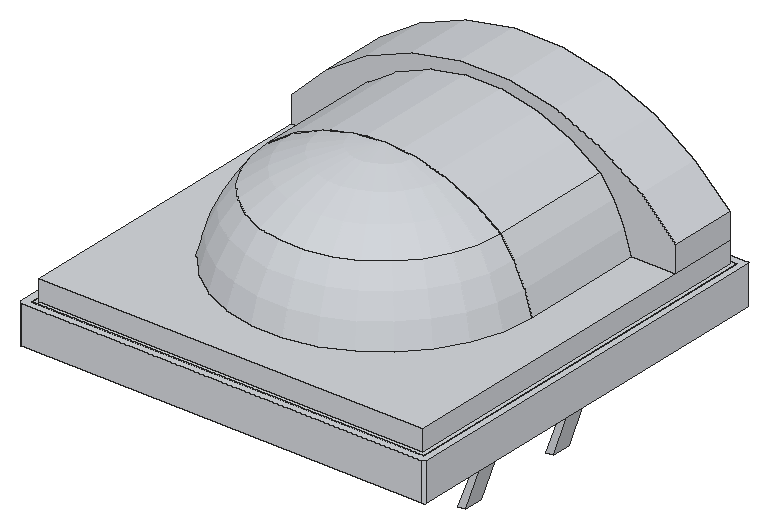
Revit family "Gira_537627", category Electrical Fixtures, host Face, Revit 2017
Family settings
  Host = Face
  Maintain Annotation Orientation = Yes
  Round Connector Dimension = Use Diameter
  Part Type = Normal
  Cut with Voids When Loaded = No
  Shared = No
  Room Calculation Point = No
Parameters (values of type "S3000 motion detec.top 2.20 m Komfort BT System 55 p.white m")
  URL = "http://katalog.gira.de/en/datenblatt.html?artikelnr=537627"
  Name = "S3000 motion detec.top 2.20 m Komfort BT System 55 p.white m"
  Model = "Movement sensor"
  Manufacturer URL = "https://www.gira.de/"
  Manufacturer = "Gira"
  Keynote = ""
  HeinzeBIM = "https://bimportal.heinze.de/bim/s3000-motion-detec-top-2-20-m-komfort-bt-system-55-p-white-m/7a1b15a21986c45e908e3132e32df4304d60fbe7"
  HAN = "537627"
  GTIN = "4010337050612"
  Description = "S3000 mot.det.top 2.20m Kmf BT Sys55 PWm,System 3000 motion detector top unit 2.20 m Komfort BT,System 55,pure white matt,Features:,- Automatic switching of lighting, depending on the movement of heat and ambient brightness.,- Operation with System 3000 switching or dimming insert or 3-wire auxiliary insert.,- Expansion of the detection range in combination with the 3-wire auxiliary insert.,- When connecting a System 3000 auxiliary insert with an operating top unit or mechanical button to the main unit, the lighting can be switched on or dimmed for the duration of the delay time.,- Device facilitates manual switchover between automatic, always-on and always-off.,With System 3000 switching insert:,- Short-term operation.,With System 3000 dimming insert:,- Switch on with the last brightness set, or a saved switch-on brightness.,- The switch-on brightness can only be saved permanently via the System 3000 auxiliary insert with operating top unit.,Functions with the Gira Bluetooth app:,- Set the brightness threshold.,- Individually adjustable sensitivity of the two sensors (0, 25, 50, 75, 100 %).,- Set the delay time.,- Override functions: Automatic mode, permanently on off, time-limited on off for 0.5 to 5 hours.,- Occupied-home simulation.,- Switch-off pre-warning.,- Day mode.,- Walking test.,- Switch on with the last brightness set, or a saved switch-on brightness in combination with a dimming insert."
  Default Elevation = 1219.2 mm
  Data sheet (1) = "https://katalog.gira.de/en/download.html?artikelnr=537627"
  Category = "Sensor element for movement sensor"
  BIM (1) = "https://media.stage.bim.site/public/gira/36a6b08/Bewegungsmelder_2,20m.rfa"
  Available = "No"
Reference planes
  plane 1 "Center (Front/Back)": y = 0
  plane 2: z = 0
  plane 3 "Center (Left/Right)": x = 0
Forms (mm)
  Extrusion 1, solid, detail levels fine
    sketch origin (0, 0, 0) x (1, 0, 0) y (0, 0, 1)
      loop
        line (-33.25, 14.602) -> (-33.25, 10.1) -> (33.25, 10.1) -> (33.25, 14.602)
        arc (33.25, 14.602) -> (0, 30.256) -> (-33.25, 14.602) r 43.139
    from -33.25 to -21.609
  Extrusion 2, solid, detail levels fine
    sketch origin (0, 0, 0) x (1, 0, 0) y (0, 1, 0)
      loop
        line (-33.25, 33.25) -> (-33.25, -33.25) -> (33.25, -33.25) -> (33.25, 33.25) -> (-33.25, 33.25)
    from 6.6 to 10.1
  Extrusion 3, solid, detail levels fine
    sketch origin (0, 0, 0) x (1, 0, 0) y (0, 0, 1)
      loop
        arc (20.138, 21.225) -> (0, 28.457) -> (-20.138, 21.225) r 31.652
        arc (-20.138, 21.225) -> (-23.48, 15.984) -> (-25.486, 10.1) r 26.053
        line (-25.486, 10.1) -> (25.486, 10.1)
        arc (25.486, 10.1) -> (23.48, 15.984) -> (20.138, 21.225) r 26.053
    from -21.609 to 0
  Revolve 4, solid, detail levels fine
    sketch origin (0, 0, 0) x (1, 0, 0) y (0, 0, 1)
      loop
        arc (0, 28.457) -> (-10.699, 26.594) -> (-20.138, 21.225) r 31.652
        arc (-20.138, 21.225) -> (-23.48, 15.984) -> (-25.486, 10.1) r 26.053
        line (-25.486, 10.1) -> (0, 10.1) -> (0, 28.457)
      axis (0, 28.457) -> (0, 10.1)
    angle from -180 to 0
  Extrusion 5, solid, detail levels fine
    sketch origin (0, 0, 0) x (1, 0, 0) y (0, 1, 0)
      loop
        spline (-34.7, 35.2) -> (-34.765, 35.196) -> (-34.829, 35.183) -> (-34.891, 35.162) -> (-34.95, 35.133) -> (-35.004, 35.097) -> (-35.054, 35.054) -> (-35.097, 35.004) -> (-35.133, 34.95) -> (-35.162, 34.891) -> (-35.183, 34.829) -> (-35.196, 34.765) -> (-35.2, 34.7)
        line (-35.2, 34.7) -> (-35.2, -34.7)
        spline (-35.2, -34.7) -> (-35.196, -34.765) -> (-35.183, -34.829) -> (-35.162, -34.891) -> (-35.133, -34.95) -> (-35.097, -35.004) -> (-35.054, -35.054) -> (-35.004, -35.097) -> (-34.95, -35.133) -> (-34.891, -35.162) -> (-34.829, -35.183) -> (-34.765, -35.196) -> (-34.7, -35.2)
        line (-34.7, -35.2) -> (34.7, -35.2)
        spline (34.7, -35.2) -> (34.765, -35.196) -> (34.829, -35.183) -> (34.891, -35.162) -> (34.95, -35.133) -> (35.004, -35.097) -> (35.054, -35.054) -> (35.097, -35.004) -> (35.133, -34.95) -> (35.162, -34.891) -> (35.183, -34.829) -> (35.196, -34.765) -> (35.2, -34.7)
        line (35.2, -34.7) -> (35.2, 34.7)
        spline (35.2, 34.7) -> (35.196, 34.765) -> (35.183, 34.829) -> (35.162, 34.891) -> (35.133, 34.95) -> (35.097, 35.004) -> (35.054, 35.054) -> (35.004, 35.097) -> (34.95, 35.133) -> (34.891, 35.162) -> (34.829, 35.183) -> (34.765, 35.196) -> (34.7, 35.2)
        line (34.7, 35.2) -> (-34.7, 35.2)
      loop
        line (-33.986, 33.986) -> (-33.986, -33.986) -> (33.986, -33.986) -> (33.986, 33.986) -> (-33.986, 33.986)
    from 0 to 6.6
  Extrusion 6, solid, detail levels fine
    sketch origin (0, 0, 0) x (1, 0, 0) y (0, 1, 0)
      loop
        line (-33.986, 33.986) -> (-33.986, -33.986) -> (33.986, -33.986) -> (33.986, 33.986) -> (-33.986, 33.986)
    from 5 to 6.6
  Extrusion 7, solid
    sketch origin (0, 0, 0) x (1, 0, 0) y (0, 1, 0)
      loop
        line (-23.656, 22.752) -> (-23.656, -22.748)
        arc (-23.656, -22.748) -> (-23.409, -23.369) -> (-22.801, -23.65) r 0.904
        line (-22.801, -23.65) -> (22.796, -23.65)
        arc (22.796, -23.65) -> (23.404, -23.369) -> (23.656, -22.748) r 0.904
        line (23.656, -22.748) -> (23.652, 22.752)
        arc (23.652, 22.752) -> (23.404, 23.374) -> (22.796, 23.655) r 0.904
        line (22.796, 23.655) -> (-22.801, 23.655)
        arc (-22.801, 23.655) -> (-23.409, 23.374) -> (-23.656, 22.752) r 0.904
    from -3.2 to 5
  Extrusion 8, solid, detail levels fine
    sketch origin (0, 0, 0) x (1, 0, 0) y (0, 1, 0)
      loop
        line (-27.334, -25) -> (-26.366, -25) -> (-26.366, 26.298) -> (26.366, 26.298) -> (26.366, -25) -> (27.334, -25) -> (27.334, 27.402) -> (-27.334, 27.402) -> (-27.334, -25)
    from -1.1 to 5
  Extrusion 9, solid, detail levels fine
    sketch origin (0, 0, 0) x (1, 0, 0) y (0, 1, 0)
      loop
        line (-5.141, 20.682) -> (-5.141, 15.098)
        spline (-5.141, 15.098) -> (-5.133, 14.968) -> (-5.107, 14.84) -> (-5.065, 14.716) -> (-5.007, 14.599) -> (-4.935, 14.49) -> (-4.849, 14.391) -> (-4.75, 14.305) -> (-4.641, 14.233) -> (-4.524, 14.175) -> (-4.4, 14.133) -> (-4.272, 14.107) -> (-4.142, 14.099)
        line (-4.142, 14.099) -> (4.142, 14.099)
        spline (4.142, 14.099) -> (4.272, 14.107) -> (4.4, 14.133) -> (4.524, 14.175) -> (4.641, 14.233) -> (4.75, 14.305) -> (4.849, 14.391) -> (4.935, 14.49) -> (5.007, 14.599) -> (5.065, 14.716) -> (5.107, 14.84) -> (5.133, 14.968) -> (5.141, 15.098)
        line (5.141, 15.098) -> (5.141, 20.682)
        spline (5.141, 20.682) -> (5.133, 20.812) -> (5.107, 20.94) -> (5.065, 21.064) -> (5.007, 21.181) -> (4.935, 21.29) -> (4.849, 21.389) -> (4.75, 21.475) -> (4.641, 21.547) -> (4.524, 21.605) -> (4.4, 21.647) -> (4.272, 21.673) -> (4.142, 21.681)
        line (4.142, 21.681) -> (-4.142, 21.681)
        spline (-4.142, 21.681) -> (-4.272, 21.673) -> (-4.4, 21.647) -> (-4.524, 21.605) -> (-4.641, 21.547) -> (-4.75, 21.475) -> (-4.849, 21.389) -> (-4.935, 21.29) -> (-5.007, 21.181) -> (-5.065, 21.064) -> (-5.107, 20.94) -> (-5.133, 20.812) -> (-5.141, 20.682)
    from -19.6 to -3.2
  Extrusion 10, solid, detail levels fine
    sketch origin (0, 0, 0) x (1, 0, 0) y (0, 0, 1)
      loop
        line (-24.966, -3.825) -> (-25.395, -8.726) -> (-23.048, -15.543) -> (-21.665, -15.713) -> (-24.338, -8.563) -> (-23.422, -1.1) -> (-25.014, -1.1) -> (-24.966, -3.825)
      loop
        line (24.966, -3.825) -> (25.014, -1.1) -> (23.422, -1.1) -> (24.338, -8.563) -> (21.665, -15.713) -> (23.048, -15.543) -> (25.395, -8.726) -> (24.966, -3.825)
    from -11.1 to -7.9
  Extrusion 11, solid, detail levels fine
    sketch origin (0, 0, 0) x (1, 0, 0) y (0, 0, -1)
      loop
        line (-24.966, 3.825) -> (-25.014, 1.1) -> (-23.422, 1.1) -> (-24.338, 8.563) -> (-21.665, 15.713) -> (-23.048, 15.543) -> (-25.395, 8.726) -> (-24.966, 3.825)
      loop
        line (24.966, 3.825) -> (25.395, 8.726) -> (23.048, 15.543) -> (21.665, 15.713) -> (24.338, 8.563) -> (23.422, 1.1) -> (25.014, 1.1) -> (24.966, 3.825)
    from -11.1 to -7.9
  Extrusion 12, solid
    sketch origin (0, 0, 0) x (1, 0, 0) y (0, 1, 0)
      loop
        line (-23.656, 22.752) -> (-23.656, -22.748)
        arc (-23.656, -22.748) -> (-23.409, -23.369) -> (-22.801, -23.65) r 0.904
        line (-22.801, -23.65) -> (22.796, -23.65)
        arc (22.796, -23.65) -> (23.404, -23.369) -> (23.656, -22.748) r 0.904
        line (23.656, -22.748) -> (23.652, 22.752)
        arc (23.652, 22.752) -> (23.404, 23.374) -> (22.796, 23.655) r 0.904
        line (22.796, 23.655) -> (-22.801, 23.655)
        arc (-22.801, 23.655) -> (-23.409, 23.374) -> (-23.656, 22.752) r 0.904
    from -3.2 to 5
  Extrusion 13, solid, detail levels medium
    sketch origin (0, 0, 0) x (1, 0, 0) y (0, 1, 0)
      loop
        line (-35.2, 35.2) -> (-35.2, -35.2) -> (35.2, -35.2) -> (35.2, 35.2) -> (-35.2, 35.2)
    from 0 to 6.6
  Extrusion 14, solid, detail levels medium
    sketch origin (0, 0, 0) x (1, 0, 0) y (0, 1, 0)
      loop
        line (-33.25, 33.25) -> (-33.25, -33.25) -> (33.25, -33.25) -> (33.25, 33.25) -> (-33.25, 33.25)
    from 6.6 to 30.256
  Extrusion 15, solid, detail levels medium
    sketch origin (0, 0, 0) x (1, 0, 0) y (0, 1, 0)
      loop
        line (-23.656, 23.655) -> (-23.656, -23.65) -> (23.656, -23.65) -> (23.656, 23.655) -> (-23.656, 23.655)
    from -3.2 to 5
  Extrusion 16, solid, detail levels medium
    sketch origin (0, 0, 0) x (1, 0, 0) y (0, 0, 1)
      loop
        line (-25.014, -1.1) -> (-25.014, -15.713) -> (-21.665, -15.713) -> (-21.665, -1.1) -> (-25.014, -1.1)
      loop
        line (25.014, -1.1) -> (21.665, -1.1) -> (21.665, -15.713) -> (25.014, -15.713) -> (25.014, -1.1)
    from -11.1 to -7.9
  Extrusion 17, solid, detail levels medium
    sketch origin (0, 0, 0) x (1, 0, 0) y (0, 0, -1)
      loop
        line (-25.014, 1.1) -> (-21.665, 1.1) -> (-21.665, 15.713) -> (-25.014, 15.713) -> (-25.014, 1.1)
      loop
        line (25.014, 1.1) -> (25.014, 15.713) -> (21.665, 15.713) -> (21.665, 1.1) -> (25.014, 1.1)
    from -11.1 to -7.9
  Extrusion 18, solid, detail levels medium
    sketch origin (0, 0, 0) x (1, 0, 0) y (0, 1, 0)
      loop
        line (-5.141, 14.099) -> (5.141, 14.099) -> (5.141, 21.681) -> (-5.141, 21.681) -> (-5.141, 14.099)
    from -19.6 to -3.2
  Extrusion 19, solid, detail levels coarse
    sketch origin (0, 0, 0) x (1, 0, 0) y (0, 1, 0)
      loop
        line (-35.2, 35.2) -> (-35.2, -35.2) -> (35.2, -35.2) -> (35.2, 35.2) -> (-35.2, 35.2)
    from -19.6 to 30.256
Dimensions and locks
  aligned and locked: plane 2 to host face
  aligned and locked: level to host face
  aligned and locked: nested 1 to plane 3 "Center (Left/Right)"
  aligned and locked: plane 1 "Center (Front/Back)" to nested 1
Nested families
  nested 1: "Belegungssensor - Bewegung - Aufputz - Beschriftung" at (0, 0, 0) x (0, -1, 0) z (0, 0, 1), type "Belegungssensor - Bewegung - Aufputz - Beschriftung"
Connectors
  electrical at (0, 0, -19.6)
    settings: on Extrusion 19, index 1, voltage 220 V, apparent load 0 VA, apparent load phase1 0 VA, apparent load phase2 0 VA, apparent load phase3 0 VA, power factor 1, load classification "Other", number of poles 1, system type 30, power factor state 1, is connector primary yes, connector utility no, sub classification motor no, connector description ""
Definition of nested family "Belegungssensor - Bewegung - Aufputz - Beschriftung"
  Reference planes
    plane 1: y = 0
    plane 2: x = 0
  Lines and regions (mm)
    Filled region 1, type "Gefüllter Bereich 1"
      outline origin (143.425, -20.712, 0) x (1, 0, 0) y (0, 1, 0)
        loop
          line (-148.697, 21.204) -> (-148.697, 20.409) -> (-147.583, 20.807) -> (-148.697, 21.204)
    Filled region 2, type "Gefüllter Bereich 1"
      outline origin (141.808, 30.001, 0) x (0.939693, 0.34202, 0) y (-0.34202, 0.939693, 0)
        loop
          line (-148.694, 21.203) -> (-148.694, 20.41) -> (-147.583, 20.807) -> (-148.694, 21.203)
    Filled region 3, type "Gefüllter Bereich 1"
      outline origin (141.819, -29.825, 0) x (-0.34202, -0.939693, 0) y (0.939693, -0.34202, 0)
        loop
          line (21.204, -148.697) -> (20.807, -147.583) -> (20.409, -148.697) -> (21.204, -148.697)
    detail lines
      curve 1: line (-1.207, 0.095, 0) -> (-3.486, 1.411, 0)
      curve 2: line (-1.207, 0.095, 0) -> (-3.486, -1.221, 0)
      curve 5: arc (-3.252, 1.752, 0) -> (-3.839, 0.095, 0) -> (-3.252, -1.562, 0) r 2.632
      curve 6: line (-6, 3, 0) -> (0, 3, 0)
      curve 7: line (-6, -3, 0) -> (-6, 3, 0)
      curve 8: line (0, -3, 0) -> (-6, -3, 0)
      curve 9: line (0, 3, 0) -> (0, -3, 0)
    reference lines
      curve 3: line (-1.207, 0.095, 0) -> (-3.616, 2.046, 0)
      curve 4: line (-1.207, 0.095, 0) -> (-3.616, -1.856, 0)
  Dimensions and locks
    curve 1 to curve 1 = 2.632 mm
    curve 2 to curve 2 = 2.632 mm
    curve 6 to curve 8 = 6 mm
    curve 7 to curve 9 = 6 mm
    angle curve 1 to curve 2 = 60.00°
    aligned and locked: curve 6 to curve 7
    aligned and locked: curve 9 to curve 9
